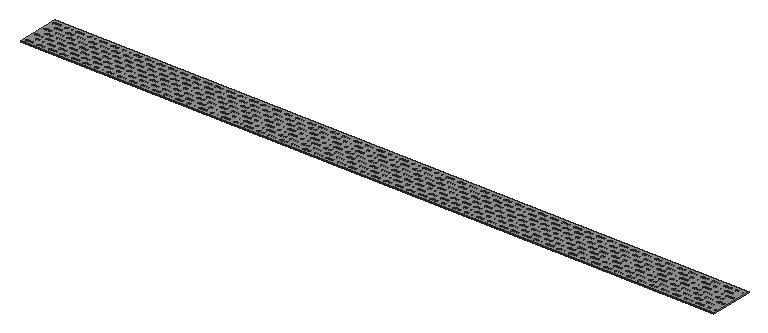
Revit family "Einlegeblech_185_FS_FT_DD_A2", category Generic Models, Revit 2017 (continued)
Forms (mm)
  Extrusion 330, void
    sketch origin (1850, -50, 0) x (1, 0, 0) y (0, 1, 0)
      loop
        line (37.485, 121.031) -> (12.515, 121.031)
    from 0 to 1.15
  Extrusion 331, void
    sketch origin (1850, -100, 0) x (1, 0, 0) y (0, 1, 0)
      loop
        arc (12.515, 121.031) -> (9, 117.515) -> (12.515, 114) r 3.515
        line (12.515, 114) -> (37.485, 114)
        arc (37.485, 114) -> (41, 117.515) -> (37.485, 121.031) r 3.515
        line (37.485, 121.031) -> (12.515, 121.031)
    from 0 to 1.15
  Extrusion 332, void
    sketch origin (1900, 0, 0) x (1, 0, 0) y (0, 1, 0)
      loop
        arc (12.515, 121.031) -> (9, 117.515) -> (12.515, 114) r 3.515
        line (12.515, 114) -> (37.485, 114)
        arc (37.485, 114) -> (41, 117.515) -> (37.485, 121.031) r 3.515
        line (37.485, 121.031) -> (12.515, 121.031)
    from 0 to 1.15
  Extrusion 333, void
    sketch origin (1900, 50, 0) x (1, 0, 0) y (0, 1, 0)
      loop
        arc (12.515, 121.031) -> (9, 117.515) -> (12.515, 114) r 3.515
        line (12.515, 114) -> (37.485, 114)
        arc (37.485, 114) -> (41, 117.515) -> (37.485, 121.031) r 3.515
        line (37.485, 121.031) -> (12.515, 121.031)
    from 0 to 1.15
  Extrusion 334, void
    sketch origin (1900, -50, 0) x (1, 0, 0) y (0, 1, 0)
      loop
        arc (12.515, 121.031) -> (9, 117.515) -> (12.515, 114) r 3.515
        line (12.515, 114) -> (37.485, 114)
        arc (37.485, 114) -> (41, 117.515) -> (37.485, 121.031) r 3.515
        line (37.485, 121.031) -> (12.515, 121.031)
    from 0 to 1.15
  Extrusion 335, void
    sketch origin (1900, -100, 0) x (1, 0, 0) y (0, 1, 0)
      loop
        arc (12.515, 121.031) -> (9, 117.515) -> (12.515, 114) r 3.515
        line (12.515, 114) -> (37.485, 114)
        arc (37.485, 114) -> (41, 117.515) -> (37.485, 121.031) r 3.515
        line (37.485, 121.031) -> (12.515, 121.031)
    from 0 to 1.15
  Extrusion 336, void
    sketch origin (1950, 0, 0) x (1, 0, 0) y (0, 1, 0)
      loop
        arc (12.515, 121.031) -> (9, 117.515) -> (12.515, 114) r 3.515
        line (12.515, 114) -> (37.485, 114)
        arc (37.485, 114) -> (41, 117.515) -> (37.485, 121.031) r 3.515
        line (37.485, 121.031) -> (12.515, 121.031)
    from 0 to 1.15
  Extrusion 337, void
    sketch origin (1950, 50, 0) x (1, 0, 0) y (0, 1, 0)
      loop
        arc (12.515, 121.031) -> (9, 117.515) -> (12.515, 114) r 3.515
        line (12.515, 114) -> (37.485, 114)
        arc (37.485, 114) -> (41, 117.515) -> (37.485, 121.031) r 3.515
        line (37.485, 121.031) -> (12.515, 121.031)
    from 0 to 1.15
  Extrusion 338, void
    sketch origin (1950, -50, 0) x (1, 0, 0) y (0, 1, 0)
      loop
        arc (12.515, 121.031) -> (9, 117.515) -> (12.515, 114) r 3.515
        line (12.515, 114) -> (37.485, 114)
        arc (37.485, 114) -> (41, 117.515) -> (37.485, 121.031) r 3.515
        line (37.485, 121.031) -> (12.515, 121.031)
    from 0 to 1.15
  Extrusion 339, void
    sketch origin (1950, -100, 0) x (1, 0, 0) y (0, 1, 0)
      loop
        arc (12.515, 121.031) -> (9, 117.515) -> (12.515, 114) r 3.515
        line (12.515, 114) -> (37.485, 114)
        arc (37.485, 114) -> (41, 117.515) -> (37.485, 121.031) r 3.515
        line (37.485, 121.031) -> (12.515, 121.031)
    from 0 to 1.15
  Extrusion 340, void
    sketch origin (2000, 0, 0) x (1, 0, 0) y (0, 1, 0)
      loop
        arc (12.515, 121.031) -> (9, 117.515) -> (12.515, 114) r 3.515
        line (12.515, 114) -> (37.485, 114)
        arc (37.485, 114) -> (41, 117.515) -> (37.485, 121.031) r 3.515
        line (37.485, 121.031) -> (12.515, 121.031)
    from 0 to 1.15
  Extrusion 341, void
    sketch origin (2000, 50, 0) x (1, 0, 0) y (0, 1, 0)
      loop
        arc (12.515, 121.031) -> (9, 117.515) -> (12.515, 114) r 3.515
        line (12.515, 114) -> (37.485, 114)
        arc (37.485, 114) -> (41, 117.515) -> (37.485, 121.031) r 3.515
        line (37.485, 121.031) -> (12.515, 121.031)
    from 0 to 1.15
  Extrusion 342, void
    sketch origin (2000, -50, 0) x (1, 0, 0) y (0, 1, 0)
      loop
        arc (12.515, 121.031) -> (9, 117.515) -> (12.515, 114) r 3.515
        line (12.515, 114) -> (37.485, 114)
        arc (37.485, 114) -> (41, 117.515) -> (37.485, 121.031) r 3.515
        line (37.485, 121.031) -> (12.515, 121.031)
    from 0 to 1.15
  Extrusion 343, void
    sketch origin (2000, -100, 0) x (1, 0, 0) y (0, 1, 0)
      loop
        arc (12.515, 121.031) -> (9, 117.515) -> (12.515, 114) r 3.515
        line (12.515, 114) -> (37.485, 114)
        arc (37.485, 114) -> (41, 117.515) -> (37.485, 121.031) r 3.515
        line (37.485, 121.031) -> (12.515, 121.031)
    from 0 to 1.15
  Extrusion 344, void
    sketch origin (2050, 0, 0) x (1, 0, 0) y (0, 1, 0)
      loop
        arc (12.515, 121.031) -> (9, 117.515) -> (12.515, 114) r 3.515
        line (12.515, 114) -> (37.485, 114)
        arc (37.485, 114) -> (41, 117.515) -> (37.485, 121.031) r 3.515
        line (37.485, 121.031) -> (12.515, 121.031)
    from 0 to 1.15
  Extrusion 345, void
    sketch origin (2050, 50, 0) x (1, 0, 0) y (0, 1, 0)
      loop
        arc (12.515, 121.031) -> (9, 117.515) -> (12.515, 114) r 3.515
        line (12.515, 114) -> (37.485, 114)
        arc (37.485, 114) -> (41, 117.515) -> (37.485, 121.031) r 3.515
        line (37.485, 121.031) -> (12.515, 121.031)
    from 0 to 1.15
  Extrusion 346, void
    sketch origin (2050, -50, 0) x (1, 0, 0) y (0, 1, 0)
      loop
        arc (12.515, 121.031) -> (9, 117.515) -> (12.515, 114) r 3.515
        line (12.515, 114) -> (37.485, 114)
        arc (37.485, 114) -> (41, 117.515) -> (37.485, 121.031) r 3.515
        line (37.485, 121.031) -> (12.515, 121.031)
    from 0 to 1.15
  Extrusion 347, void
    sketch origin (2050, -100, 0) x (1, 0, 0) y (0, 1, 0)
      loop
        arc (12.515, 121.031) -> (9, 117.515) -> (12.515, 114) r 3.515
        line (12.515, 114) -> (37.485, 114)
        arc (37.485, 114) -> (41, 117.515) -> (37.485, 121.031) r 3.515
        line (37.485, 121.031) -> (12.515, 121.031)
    from 0 to 1.15
  Extrusion 348, void
    sketch origin (2100, 0, 0) x (1, 0, 0) y (0, 1, 0)
      loop
        arc (12.515, 121.031) -> (9, 117.515) -> (12.515, 114) r 3.515
        line (12.515, 114) -> (37.485, 114)
        arc (37.485, 114) -> (41, 117.515) -> (37.485, 121.031) r 3.515
        line (37.485, 121.031) -> (12.515, 121.031)
    from 0 to 1.15
  Extrusion 349, void
    sketch origin (2100, 50, 0) x (1, 0, 0) y (0, 1, 0)
      loop
        arc (12.515, 121.031) -> (9, 117.515) -> (12.515, 114) r 3.515
        line (12.515, 114) -> (37.485, 114)
        arc (37.485, 114) -> (41, 117.515) -> (37.485, 121.031) r 3.515
        line (37.485, 121.031) -> (12.515, 121.031)
    from 0 to 1.15
  Extrusion 350, void
    sketch origin (2100, -50, 0) x (1, 0, 0) y (0, 1, 0)
      loop
        arc (12.515, 121.031) -> (9, 117.515) -> (12.515, 114) r 3.515
        line (12.515, 114) -> (37.485, 114)
        arc (37.485, 114) -> (41, 117.515) -> (37.485, 121.031) r 3.515
        line (37.485, 121.031) -> (12.515, 121.031)
    from 0 to 1.15
  Extrusion 351, void
    sketch origin (2100, -100, 0) x (1, 0, 0) y (0, 1, 0)
      loop
        arc (12.515, 121.031) -> (9, 117.515) -> (12.515, 114) r 3.515
        line (12.515, 114) -> (37.485, 114)
        arc (37.485, 114) -> (41, 117.515) -> (37.485, 121.031) r 3.515
        line (37.485, 121.031) -> (12.515, 121.031)
    from 0 to 1.15
  Extrusion 352, void
    sketch origin (2150, 0, 0) x (1, 0, 0) y (0, 1, 0)
      loop
        arc (12.515, 121.031) -> (9, 117.515) -> (12.515, 114) r 3.515
        line (12.515, 114) -> (37.485, 114)
        arc (37.485, 114) -> (41, 117.515) -> (37.485, 121.031) r 3.515
        line (37.485, 121.031) -> (12.515, 121.031)
    from 0 to 1.15
  Extrusion 353, void
    sketch origin (2150, 50, 0) x (1, 0, 0) y (0, 1, 0)
      loop
        arc (12.515, 121.031) -> (9, 117.515) -> (12.515, 114) r 3.515
        line (12.515, 114) -> (37.485, 114)
        arc (37.485, 114) -> (41, 117.515) -> (37.485, 121.031) r 3.515
        line (37.485, 121.031) -> (12.515, 121.031)
    from 0 to 1.15
  Extrusion 354, void
    sketch origin (2150, -50, 0) x (1, 0, 0) y (0, 1, 0)
      loop
        arc (12.515, 121.031) -> (9, 117.515) -> (12.515, 114) r 3.515
        line (12.515, 114) -> (37.485, 114)
        arc (37.485, 114) -> (41, 117.515) -> (37.485, 121.031) r 3.515
        line (37.485, 121.031) -> (12.515, 121.031)
    from 0 to 1.15
  Extrusion 355, void
    sketch origin (2150, -100, 0) x (1, 0, 0) y (0, 1, 0)
      loop
        arc (12.515, 121.031) -> (9, 117.515) -> (12.515, 114) r 3.515
        line (12.515, 114) -> (37.485, 114)
        arc (37.485, 114) -> (41, 117.515) -> (37.485, 121.031) r 3.515
        line (37.485, 121.031) -> (12.515, 121.031)
    from 0 to 1.15
  Extrusion 356, void
    sketch origin (2200, 0, 0) x (1, 0, 0) y (0, 1, 0)
      loop
        arc (12.515, 121.031) -> (9, 117.515) -> (12.515, 114) r 3.515
        line (12.515, 114) -> (37.485, 114)
        arc (37.485, 114) -> (41, 117.515) -> (37.485, 121.031) r 3.515
        line (37.485, 121.031) -> (12.515, 121.031)
    from 0 to 1.15
  Extrusion 357, void
    sketch origin (2200, 50, 0) x (1, 0, 0) y (0, 1, 0)
      loop
        arc (12.515, 121.031) -> (9, 117.515) -> (12.515, 114) r 3.515
        line (12.515, 114) -> (37.485, 114)
        arc (37.485, 114) -> (41, 117.515) -> (37.485, 121.031) r 3.515
        line (37.485, 121.031) -> (12.515, 121.031)
    from 0 to 1.15
  Extrusion 358, void
    sketch origin (2200, -50, 0) x (1, 0, 0) y (0, 1, 0)
      loop
        arc (12.515, 121.031) -> (9, 117.515) -> (12.515, 114) r 3.515
        line (12.515, 114) -> (37.485, 114)
        arc (37.485, 114) -> (41, 117.515) -> (37.485, 121.031) r 3.515
        line (37.485, 121.031) -> (12.515, 121.031)
    from 0 to 1.15
  Extrusion 359, void
    sketch origin (2200, -100, 0) x (1, 0, 0) y (0, 1, 0)
      loop
        arc (12.515, 121.031) -> (9, 117.515) -> (12.515, 114) r 3.515
        line (12.515, 114) -> (37.485, 114)
        arc (37.485, 114) -> (41, 117.515) -> (37.485, 121.031) r 3.515
        line (37.485, 121.031) -> (12.515, 121.031)
    from 0 to 1.15
  Extrusion 360, void
    sketch origin (2250, 0, 0) x (1, 0, 0) y (0, 1, 0)
      loop
        arc (12.515, 121.031) -> (9, 117.515) -> (12.515, 114) r 3.515
        line (12.515, 114) -> (37.485, 114)
        arc (37.485, 114) -> (41, 117.515) -> (37.485, 121.031) r 3.515
        line (37.485, 121.031) -> (12.515, 121.031)
    from 0 to 1.15
  Extrusion 361, void
    sketch origin (2250, 50, 0) x (1, 0, 0) y (0, 1, 0)
      loop
        arc (12.515, 121.031) -> (9, 117.515) -> (12.515, 114) r 3.515
        line (12.515, 114) -> (37.485, 114)
        arc (37.485, 114) -> (41, 117.515) -> (37.485, 121.031) r 3.515
        line (37.485, 121.031) -> (12.515, 121.031)
    from 0 to 1.15
  Extrusion 362, void
    sketch origin (2250, -50, 0) x (1, 0, 0) y (0, 1, 0)
      loop
        arc (12.515, 121.031) -> (9, 117.515) -> (12.515, 114) r 3.515
        line (12.515, 114) -> (37.485, 114)
        arc (37.485, 114) -> (41, 117.515) -> (37.485, 121.031) r 3.515
        line (37.485, 121.031) -> (12.515, 121.031)
    from 0 to 1.15
  Extrusion 363, void
    sketch origin (2250, -100, 0) x (1, 0, 0) y (0, 1, 0)
      loop
        arc (12.515, 121.031) -> (9, 117.515) -> (12.515, 114) r 3.515
        line (12.515, 114) -> (37.485, 114)
        arc (37.485, 114) -> (41, 117.515) -> (37.485, 121.031) r 3.515
        line (37.485, 121.031) -> (12.515, 121.031)
    from 0 to 1.15
  Extrusion 364, void
    sketch origin (2300, 0, 0) x (1, 0, 0) y (0, 1, 0)
      loop
        arc (12.515, 121.031) -> (9, 117.515) -> (12.515, 114) r 3.515
        line (12.515, 114) -> (37.485, 114)
        arc (37.485, 114) -> (41, 117.515) -> (37.485, 121.031) r 3.515
        line (37.485, 121.031) -> (12.515, 121.031)
    from 0 to 1.15
  Extrusion 365, void
    sketch origin (2300, 50, 0) x (1, 0, 0) y (0, 1, 0)
      loop
        arc (12.515, 121.031) -> (9, 117.515) -> (12.515, 114) r 3.515
        line (12.515, 114) -> (37.485, 114)
        arc (37.485, 114) -> (41, 117.515) -> (37.485, 121.031) r 3.515
        line (37.485, 121.031) -> (12.515, 121.031)
    from 0 to 1.15
  Extrusion 366, void
    sketch origin (2300, -50, 0) x (1, 0, 0) y (0, 1, 0)
      loop
        arc (12.515, 121.031) -> (9, 117.515) -> (12.515, 114) r 3.515
        line (12.515, 114) -> (37.485, 114)
        arc (37.485, 114) -> (41, 117.515) -> (37.485, 121.031) r 3.515
        line (37.485, 121.031) -> (12.515, 121.031)
    from 0 to 1.15
  Extrusion 367, void
    sketch origin (2300, -100, 0) x (1, 0, 0) y (0, 1, 0)
      loop
        arc (12.515, 121.031) -> (9, 117.515) -> (12.515, 114) r 3.515
        line (12.515, 114) -> (37.485, 114)
        arc (37.485, 114) -> (41, 117.515) -> (37.485, 121.031) r 3.515
        line (37.485, 121.031) -> (12.515, 121.031)
    from 0 to 1.15
  Extrusion 368, void
    sketch origin (2350, 0, 0) x (1, 0, 0) y (0, 1, 0)
      loop
        arc (12.515, 121.031) -> (9, 117.515) -> (12.515, 114) r 3.515
        line (12.515, 114) -> (37.485, 114)
        arc (37.485, 114) -> (41, 117.515) -> (37.485, 121.031) r 3.515
        line (37.485, 121.031) -> (12.515, 121.031)
    from 0 to 1.15
  Extrusion 369, void
    sketch origin (2350, 50, 0) x (1, 0, 0) y (0, 1, 0)
      loop
        arc (12.515, 121.031) -> (9, 117.515) -> (12.515, 114) r 3.515
        line (12.515, 114) -> (37.485, 114)
        arc (37.485, 114) -> (41, 117.515) -> (37.485, 121.031) r 3.515
        line (37.485, 121.031) -> (12.515, 121.031)
    from 0 to 1.15
  Extrusion 370, void
    sketch origin (2350, -50, 0) x (1, 0, 0) y (0, 1, 0)
      loop
        arc (12.515, 121.031) -> (9, 117.515) -> (12.515, 114) r 3.515
        line (12.515, 114) -> (37.485, 114)
        arc (37.485, 114) -> (41, 117.515) -> (37.485, 121.031) r 3.515
        line (37.485, 121.031) -> (12.515, 121.031)
    from 0 to 1.15
  Extrusion 371, void
    sketch origin (2350, -100, 0) x (1, 0, 0) y (0, 1, 0)
      loop
        arc (12.515, 121.031) -> (9, 117.515) -> (12.515, 114) r 3.515
        line (12.515, 114) -> (37.485, 114)
        arc (37.485, 114) -> (41, 117.515) -> (37.485, 121.031) r 3.515
        line (37.485, 121.031) -> (12.515, 121.031)
    from 0 to 1.15
  Extrusion 372, void
    sketch origin (2400, 0, 0) x (1, 0, 0) y (0, 1, 0)
      loop
        arc (12.515, 121.031) -> (9, 117.515) -> (12.515, 114) r 3.515
        line (12.515, 114) -> (37.485, 114)
        arc (37.485, 114) -> (41, 117.515) -> (37.485, 121.031) r 3.515
        line (37.485, 121.031) -> (12.515, 121.031)
    from 0 to 1.15
  Extrusion 373, void
    sketch origin (2400, 50, 0) x (1, 0, 0) y (0, 1, 0)
      loop
        arc (12.515, 121.031) -> (9, 117.515) -> (12.515, 114) r 3.515
        line (12.515, 114) -> (37.485, 114)
        arc (37.485, 114) -> (41, 117.515) -> (37.485, 121.031) r 3.515
        line (37.485, 121.031) -> (12.515, 121.031)
    from 0 to 1.15
  Extrusion 374, void
    sketch origin (2400, -50, 0) x (1, 0, 0) y (0, 1, 0)
      loop
        arc (12.515, 121.031) -> (9, 117.515) -> (12.515, 114) r 3.515
        line (12.515, 114) -> (37.485, 114)
        arc (37.485, 114) -> (41, 117.515) -> (37.485, 121.031) r 3.515
        line (37.485, 121.031) -> (12.515, 121.031)
    from 0 to 1.15
  Extrusion 375, void
    sketch origin (2400, -100, 0) x (1, 0, 0) y (0, 1, 0)
      loop
        arc (12.515, 121.031) -> (9, 117.515) -> (12.515, 114) r 3.515
        line (12.515, 114) -> (37.485, 114)
        arc (37.485, 114) -> (41, 117.515) -> (37.485, 121.031) r 3.515
        line (37.485, 121.031) -> (12.515, 121.031)
    from 0 to 1.15
  Extrusion 376, void
    sketch origin (2450, 0, 0) x (1, 0, 0) y (0, 1, 0)
      loop
        arc (12.515, 121.031) -> (9, 117.515) -> (12.515, 114) r 3.515
        line (12.515, 114) -> (37.485, 114)
        arc (37.485, 114) -> (41, 117.515) -> (37.485, 121.031) r 3.515
        line (37.485, 121.031) -> (12.515, 121.031)
    from 0 to 1.15
  Extrusion 377, void
    sketch origin (2450, 50, 0) x (1, 0, 0) y (0, 1, 0)
      loop
        arc (12.515, 121.031) -> (9, 117.515) -> (12.515, 114) r 3.515
        line (12.515, 114) -> (37.485, 114)
        arc (37.485, 114) -> (41, 117.515) -> (37.485, 121.031) r 3.515
        line (37.485, 121.031) -> (12.515, 121.031)
    from 0 to 1.15
  Extrusion 378, void
    sketch origin (2450, -50, 0) x (1, 0, 0) y (0, 1, 0)
      loop
        arc (12.515, 121.031) -> (9, 117.515) -> (12.515, 114) r 3.515
        line (12.515, 114) -> (37.485, 114)
        arc (37.485, 114) -> (41, 117.515) -> (37.485, 121.031) r 3.515
        line (37.485, 121.031) -> (12.515, 121.031)
    from 0 to 1.15
  Extrusion 379, void
    sketch origin (2450, -100, 0) x (1, 0, 0) y (0, 1, 0)
      loop
        arc (12.515, 121.031) -> (9, 117.515) -> (12.515, 114) r 3.515
        line (12.515, 114) -> (37.485, 114)
        arc (37.485, 114) -> (41, 117.515) -> (37.485, 121.031) r 3.515
        line (37.485, 121.031) -> (12.515, 121.031)
    from 0 to 1.15
  Extrusion 380, void
    sketch origin (2500, 0, 0) x (1, 0, 0) y (0, 1, 0)
      loop
        arc (12.515, 121.031) -> (9, 117.515) -> (12.515, 114) r 3.515
        line (12.515, 114) -> (37.485, 114)
        arc (37.485, 114) -> (41, 117.515) -> (37.485, 121.031) r 3.515
        line (37.485, 121.031) -> (12.515, 121.031)
    from 0 to 1.15
  Extrusion 381, void
    sketch origin (2500, 50, 0) x (1, 0, 0) y (0, 1, 0)
      loop
        arc (12.515, 121.031) -> (9, 117.515) -> (12.515, 114) r 3.515
        line (12.515, 114) -> (37.485, 114)
        arc (37.485, 114) -> (41, 117.515) -> (37.485, 121.031) r 3.515
        line (37.485, 121.031) -> (12.515, 121.031)
    from 0 to 1.15
  Extrusion 382, void
    sketch origin (2500, -50, 0) x (1, 0, 0) y (0, 1, 0)
      loop
        arc (12.515, 121.031) -> (9, 117.515) -> (12.515, 114) r 3.515
        line (12.515, 114) -> (37.485, 114)
        arc (37.485, 114) -> (41, 117.515) -> (37.485, 121.031) r 3.515
        line (37.485, 121.031) -> (12.515, 121.031)
    from 0 to 1.15
  Extrusion 383, void
    sketch origin (2500, -100, 0) x (1, 0, 0) y (0, 1, 0)
      loop
        arc (12.515, 121.031) -> (9, 117.515) -> (12.515, 114) r 3.515
        line (12.515, 114) -> (37.485, 114)
        arc (37.485, 114) -> (41, 117.515) -> (37.485, 121.031) r 3.515
        line (37.485, 121.031) -> (12.515, 121.031)
    from 0 to 1.15
  Extrusion 384, void
    sketch origin (2550, 0, 0) x (1, 0, 0) y (0, 1, 0)
      loop
        arc (12.515, 121.031) -> (9, 117.515) -> (12.515, 114) r 3.515
        line (12.515, 114) -> (37.485, 114)
        arc (37.485, 114) -> (41, 117.515) -> (37.485, 121.031) r 3.515
        line (37.485, 121.031) -> (12.515, 121.031)
    from 0 to 1.15
  Extrusion 385, void
    sketch origin (2550, 50, 0) x (1, 0, 0) y (0, 1, 0)
      loop
        arc (12.515, 121.031) -> (9, 117.515) -> (12.515, 114) r 3.515
        line (12.515, 114) -> (37.485, 114)
        arc (37.485, 114) -> (41, 117.515) -> (37.485, 121.031) r 3.515
        line (37.485, 121.031) -> (12.515, 121.031)
    from 0 to 1.15
  Extrusion 386, void
    sketch origin (2550, -50, 0) x (1, 0, 0) y (0, 1, 0)
      loop
        arc (12.515, 121.031) -> (9, 117.515) -> (12.515, 114) r 3.515
        line (12.515, 114) -> (37.485, 114)
        arc (37.485, 114) -> (41, 117.515) -> (37.485, 121.031) r 3.515
        line (37.485, 121.031) -> (12.515, 121.031)
    from 0 to 1.15
  Extrusion 387, void
    sketch origin (2550, -100, 0) x (1, 0, 0) y (0, 1, 0)
      loop
        arc (12.515, 121.031) -> (9, 117.515) -> (12.515, 114) r 3.515
        line (12.515, 114) -> (37.485, 114)
        arc (37.485, 114) -> (41, 117.515) -> (37.485, 121.031) r 3.515
        line (37.485, 121.031) -> (12.515, 121.031)
    from 0 to 1.15
  Extrusion 388, void
    sketch origin (2600, 0, 0) x (1, 0, 0) y (0, 1, 0)
      loop
        arc (12.515, 121.031) -> (9, 117.515) -> (12.515, 114) r 3.515
        line (12.515, 114) -> (37.485, 114)
        arc (37.485, 114) -> (41, 117.515) -> (37.485, 121.031) r 3.515
        line (37.485, 121.031) -> (12.515, 121.031)
    from 0 to 1.15
  Extrusion 389, void
    sketch origin (2600, 50, 0) x (1, 0, 0) y (0, 1, 0)
      loop
        arc (12.515, 121.031) -> (9, 117.515) -> (12.515, 114) r 3.515
        line (12.515, 114) -> (37.485, 114)
        arc (37.485, 114) -> (41, 117.515) -> (37.485, 121.031) r 3.515
        line (37.485, 121.031) -> (12.515, 121.031)
    from 0 to 1.15
  Extrusion 390, void
    sketch origin (2600, -50, 0) x (1, 0, 0) y (0, 1, 0)
      loop
        arc (12.515, 121.031) -> (9, 117.515) -> (12.515, 114) r 3.515
        line (12.515, 114) -> (37.485, 114)
        arc (37.485, 114) -> (41, 117.515) -> (37.485, 121.031) r 3.515
        line (37.485, 121.031) -> (12.515, 121.031)
    from 0 to 1.15
  Extrusion 391, void
    sketch origin (2600, -100, 0) x (1, 0, 0) y (0, 1, 0)
      loop
        arc (12.515, 121.031) -> (9, 117.515) -> (12.515, 114) r 3.515
        line (12.515, 114) -> (37.485, 114)
        arc (37.485, 114) -> (41, 117.515) -> (37.485, 121.031) r 3.515
        line (37.485, 121.031) -> (12.515, 121.031)
    from 0 to 1.15
  Extrusion 392, void
    sketch origin (2650, 0, 0) x (1, 0, 0) y (0, 1, 0)
      loop
        arc (12.515, 121.031) -> (9, 117.515) -> (12.515, 114) r 3.515
        line (12.515, 114) -> (37.485, 114)
        arc (37.485, 114) -> (41, 117.515) -> (37.485, 121.031) r 3.515
        line (37.485, 121.031) -> (12.515, 121.031)
    from 0 to 1.15
  Extrusion 393, void
    sketch origin (2650, 50, 0) x (1, 0, 0) y (0, 1, 0)
      loop
        arc (12.515, 121.031) -> (9, 117.515) -> (12.515, 114) r 3.515
        line (12.515, 114) -> (37.485, 114)
        arc (37.485, 114) -> (41, 117.515) -> (37.485, 121.031) r 3.515
        line (37.485, 121.031) -> (12.515, 121.031)
    from 0 to 1.15
  Extrusion 394, void
    sketch origin (2650, -50, 0) x (1, 0, 0) y (0, 1, 0)
      loop
        arc (12.515, 121.031) -> (9, 117.515) -> (12.515, 114) r 3.515
        line (12.515, 114) -> (37.485, 114)
        arc (37.485, 114) -> (41, 117.515) -> (37.485, 121.031) r 3.515
        line (37.485, 121.031) -> (12.515, 121.031)
    from 0 to 1.15
  Extrusion 395, void
    sketch origin (2650, -100, 0) x (1, 0, 0) y (0, 1, 0)
      loop
        arc (12.515, 121.031) -> (9, 117.515) -> (12.515, 114) r 3.515
        line (12.515, 114) -> (37.485, 114)
        arc (37.485, 114) -> (41, 117.515) -> (37.485, 121.031) r 3.515
        line (37.485, 121.031) -> (12.515, 121.031)
    from 0 to 1.15
  Extrusion 396, void
    sketch origin (2700, 0, 0) x (1, 0, 0) y (0, 1, 0)
      loop
        arc (12.515, 121.031) -> (9, 117.515) -> (12.515, 114) r 3.515
        line (12.515, 114) -> (37.485, 114)
        arc (37.485, 114) -> (41, 117.515) -> (37.485, 121.031) r 3.515
        line (37.485, 121.031) -> (12.515, 121.031)
    from 0 to 1.15
  Extrusion 397, void
    sketch origin (2700, 50, 0) x (1, 0, 0) y (0, 1, 0)
      loop
        arc (12.515, 121.031) -> (9, 117.515) -> (12.515, 114) r 3.515
        line (12.515, 114) -> (37.485, 114)
        arc (37.485, 114) -> (41, 117.515) -> (37.485, 121.031) r 3.515
        line (37.485, 121.031) -> (12.515, 121.031)
    from 0 to 1.15
  Extrusion 398, void
    sketch origin (2700, -50, 0) x (1, 0, 0) y (0, 1, 0)
      loop
        arc (12.515, 121.031) -> (9, 117.515) -> (12.515, 114) r 3.515
        line (12.515, 114) -> (37.485, 114)
        arc (37.485, 114) -> (41, 117.515) -> (37.485, 121.031) r 3.515
        line (37.485, 121.031) -> (12.515, 121.031)
    from 0 to 1.15
  Extrusion 399, void
    sketch origin (2700, -100, 0) x (1, 0, 0) y (0, 1, 0)
      loop
        arc (12.515, 121.031) -> (9, 117.515) -> (12.515, 114) r 3.515
        line (12.515, 114) -> (37.485, 114)
        arc (37.485, 114) -> (41, 117.515) -> (37.485, 121.031) r 3.515
        line (37.485, 121.031) -> (12.515, 121.031)
    from 0 to 1.15
  Extrusion 400, void
    sketch origin (2750, 0, 0) x (1, 0, 0) y (0, 1, 0)
      loop
        arc (12.515, 121.031) -> (9, 117.515) -> (12.515, 114) r 3.515
        line (12.515, 114) -> (37.485, 114)
        arc (37.485, 114) -> (41, 117.515) -> (37.485, 121.031) r 3.515
        line (37.485, 121.031) -> (12.515, 121.031)
    from 0 to 1.15
  Extrusion 401, void
    sketch origin (2750, 50, 0) x (1, 0, 0) y (0, 1, 0)
      loop
        arc (12.515, 121.031) -> (9, 117.515) -> (12.515, 114) r 3.515
        line (12.515, 114) -> (37.485, 114)
        arc (37.485, 114) -> (41, 117.515) -> (37.485, 121.031) r 3.515
        line (37.485, 121.031) -> (12.515, 121.031)
    from 0 to 1.15
  Extrusion 402, void
    sketch origin (2750, -50, 0) x (1, 0, 0) y (0, 1, 0)
      loop
        arc (12.515, 121.031) -> (9, 117.515) -> (12.515, 114) r 3.515
        line (12.515, 114) -> (37.485, 114)
        arc (37.485, 114) -> (41, 117.515) -> (37.485, 121.031) r 3.515
        line (37.485, 121.031) -> (12.515, 121.031)
    from 0 to 1.15
  Extrusion 403, void
    sketch origin (2750, -100, 0) x (1, 0, 0) y (0, 1, 0)
      loop
        arc (12.515, 121.031) -> (9, 117.515) -> (12.515, 114) r 3.515
        line (12.515, 114) -> (37.485, 114)
        arc (37.485, 114) -> (41, 117.515) -> (37.485, 121.031) r 3.515
        line (37.485, 121.031) -> (12.515, 121.031)
    from 0 to 1.15
  Extrusion 404, void
    sketch origin (2800, 0, 0) x (1, 0, 0) y (0, 1, 0)
      loop
        arc (12.515, 121.031) -> (9, 117.515) -> (12.515, 114) r 3.515
        line (12.515, 114) -> (37.485, 114)
        arc (37.485, 114) -> (41, 117.515) -> (37.485, 121.031) r 3.515
        line (37.485, 121.031) -> (12.515, 121.031)
    from 0 to 1.15
  Extrusion 405, void
    sketch origin (2800, 50, 0) x (1, 0, 0) y (0, 1, 0)
      loop
        arc (12.515, 121.031) -> (9, 117.515) -> (12.515, 114) r 3.515
        line (12.515, 114) -> (37.485, 114)
        arc (37.485, 114) -> (41, 117.515) -> (37.485, 121.031) r 3.515
        line (37.485, 121.031) -> (12.515, 121.031)
    from 0 to 1.15
  Extrusion 406, void
    sketch origin (2800, -50, 0) x (1, 0, 0) y (0, 1, 0)
      loop
        arc (12.515, 121.031) -> (9, 117.515) -> (12.515, 114) r 3.515
        line (12.515, 114) -> (37.485, 114)
        arc (37.485, 114) -> (41, 117.515) -> (37.485, 121.031) r 3.515
        line (37.485, 121.031) -> (12.515, 121.031)
    from 0 to 1.15
  Extrusion 407, void
    sketch origin (2800, -100, 0) x (1, 0, 0) y (0, 1, 0)
      loop
        arc (12.515, 121.031) -> (9, 117.515) -> (12.515, 114) r 3.515
        line (12.515, 114) -> (37.485, 114)
        arc (37.485, 114) -> (41, 117.515) -> (37.485, 121.031) r 3.515
        line (37.485, 121.031) -> (12.515, 121.031)
    from 0 to 1.15
  Extrusion 408, void
    sketch origin (2850, 0, 0) x (1, 0, 0) y (0, 1, 0)
      loop
        arc (12.515, 121.031) -> (9, 117.515) -> (12.515, 114) r 3.515
        line (12.515, 114) -> (37.485, 114)
        arc (37.485, 114) -> (41, 117.515) -> (37.485, 121.031) r 3.515
        line (37.485, 121.031) -> (12.515, 121.031)
    from 0 to 1.15
  Extrusion 409, void
    sketch origin (2850, 50, 0) x (1, 0, 0) y (0, 1, 0)
      loop
        arc (12.515, 121.031) -> (9, 117.515) -> (12.515, 114) r 3.515
        line (12.515, 114) -> (37.485, 114)
        arc (37.485, 114) -> (41, 117.515) -> (37.485, 121.031) r 3.515
        line (37.485, 121.031) -> (12.515, 121.031)
    from 0 to 1.15
  Extrusion 410, void
    sketch origin (2850, -50, 0) x (1, 0, 0) y (0, 1, 0)
      loop
        arc (12.515, 121.031) -> (9, 117.515) -> (12.515, 114) r 3.515
        line (12.515, 114) -> (37.485, 114)
        arc (37.485, 114) -> (41, 117.515) -> (37.485, 121.031) r 3.515
        line (37.485, 121.031) -> (12.515, 121.031)
    from 0 to 1.15
  Extrusion 411, void
    sketch origin (2850, -100, 0) x (1, 0, 0) y (0, 1, 0)
      loop
        arc (12.515, 121.031) -> (9, 117.515) -> (12.515, 114) r 3.515
        line (12.515, 114) -> (37.485, 114)
        arc (37.485, 114) -> (41, 117.515) -> (37.485, 121.031) r 3.515
        line (37.485, 121.031) -> (12.515, 121.031)
    from 0 to 1.15
  Extrusion 412, void
    sketch origin (2900, 0, 0) x (1, 0, 0) y (0, 1, 0)
      loop
        arc (12.515, 121.031) -> (9, 117.515) -> (12.515, 114) r 3.515
        line (12.515, 114) -> (37.485, 114)
        arc (37.485, 114) -> (41, 117.515) -> (37.485, 121.031) r 3.515
        line (37.485, 121.031) -> (12.515, 121.031)
    from 0 to 1.15
  Extrusion 413, void
    sketch origin (2900, 50, 0) x (1, 0, 0) y (0, 1, 0)
      loop
        arc (12.515, 121.031) -> (9, 117.515) -> (12.515, 114) r 3.515
        line (12.515, 114) -> (37.485, 114)
        arc (37.485, 114) -> (41, 117.515) -> (37.485, 121.031) r 3.515
        line (37.485, 121.031) -> (12.515, 121.031)
    from 0 to 1.15
  Extrusion 414, void
    sketch origin (2900, -50, 0) x (1, 0, 0) y (0, 1, 0)
      loop
        arc (12.515, 121.031) -> (9, 117.515) -> (12.515, 114) r 3.515
        line (12.515, 114) -> (37.485, 114)
        arc (37.485, 114) -> (41, 117.515) -> (37.485, 121.031) r 3.515
        line (37.485, 121.031) -> (12.515, 121.031)
    from 0 to 1.15
  Extrusion 415, void
    sketch origin (2900, -100, 0) x (1, 0, 0) y (0, 1, 0)
      loop
        arc (12.515, 121.031) -> (9, 117.515) -> (12.515, 114) r 3.515
        line (12.515, 114) -> (37.485, 114)
        arc (37.485, 114) -> (41, 117.515) -> (37.485, 121.031) r 3.515
        line (37.485, 121.031) -> (12.515, 121.031)
    from 0 to 1.15
  Extrusion 416, void
    sketch origin (2950, 0, 0) x (1, 0, 0) y (0, 1, 0)
      loop
        arc (12.515, 121.031) -> (9, 117.515) -> (12.515, 114) r 3.515
        line (12.515, 114) -> (37.485, 114)
        arc (37.485, 114) -> (41, 117.515) -> (37.485, 121.031) r 3.515
        line (37.485, 121.031) -> (12.515, 121.031)
    from 0 to 1.15
  Extrusion 417, void
    sketch origin (2950, 50, 0) x (1, 0, 0) y (0, 1, 0)
      loop
        arc (12.515, 121.031) -> (9, 117.515) -> (12.515, 114) r 3.515
        line (12.515, 114) -> (37.485, 114)
        arc (37.485, 114) -> (41, 117.515) -> (37.485, 121.031) r 3.515
        line (37.485, 121.031) -> (12.515, 121.031)
    from 0 to 1.15
  Extrusion 418, void
    sketch origin (2950, -50, 0) x (1, 0, 0) y (0, 1, 0)
      loop
        arc (12.515, 121.031) -> (9, 117.515) -> (12.515, 114) r 3.515
        line (12.515, 114) -> (37.485, 114)
        arc (37.485, 114) -> (41, 117.515) -> (37.485, 121.031) r 3.515
        line (37.485, 121.031) -> (12.515, 121.031)
    from 0 to 1.15
  Extrusion 419, void
    sketch origin (2950, -100, 0) x (1, 0, 0) y (0, 1, 0)
      loop
        arc (12.515, 121.031) -> (9, 117.515) -> (12.515, 114) r 3.515
        line (12.515, 114) -> (37.485, 114)
        arc (37.485, 114) -> (41, 117.515) -> (37.485, 121.031) r 3.515
        line (37.485, 121.031) -> (12.515, 121.031)
    from 0 to 1.15
Cuts and joins
  Extrusion 2, Extrusion 3, Extrusion 4, Extrusion 5, Extrusion 6, Extrusion 7, Extrusion 8, Extrusion 9, Extrusion 10, Extrusion 11, Extrusion 12, Extrusion 13, Extrusion 14, Extrusion 15, Extrusion 16, Extrusion 17, Extrusion 18, Extrusion 19, Extrusion 20, Extrusion 21, Extrusion 22, Extrusion 23, Extrusion 24, Extrusion 25, Extrusion 26, Extrusion 27, Extrusion 28, Extrusion 29, Extrusion 30, Extrusion 31, Extrusion 32, Extrusion 33, Extrusion 34, Extrusion 35, Extrusion 36, Extrusion 37, Extrusion 38, Extrusion 39, Extrusion 40, Extrusion 41, Extrusion 42, Extrusion 43, Extrusion 44, Extrusion 45, Extrusion 46, Extrusion 47, Extrusion 48, Extrusion 49, Extrusion 50, Extrusion 51, Extrusion 52, Extrusion 53, Extrusion 54, Extrusion 55, Extrusion 56, Extrusion 57, Extrusion 58, Extrusion 59, Extrusion 60, Extrusion 61, Extrusion 62, Extrusion 63, Extrusion 64, Extrusion 65, Extrusion 66, Extrusion 67, Extrusion 68, Extrusion 69, Extrusion 70, Extrusion 71, Extrusion 72, Extrusion 73, Extrusion 74, Extrusion 75, Extrusion 76, Extrusion 77, Extrusion 78, Extrusion 79, Extrusion 80, Extrusion 81, Extrusion 82, Extrusion 83, Extrusion 84, Extrusion 85, Extrusion 86, Extrusion 87, Extrusion 88, Extrusion 89, Extrusion 90, Extrusion 91, Extrusion 92, Extrusion 93, Extrusion 94, Extrusion 95, Extrusion 96, Extrusion 97, Extrusion 98, Extrusion 99, Extrusion 100, Extrusion 101, Extrusion 102, Extrusion 103, Extrusion 104, Extrusion 105, Extrusion 106, Extrusion 107, Extrusion 108, Extrusion 109, Extrusion 110, Extrusion 111, Extrusion 112, Extrusion 113, Extrusion 114, Extrusion 115, Extrusion 116, Extrusion 117, Extrusion 118, Extrusion 119, Extrusion 120, Extrusion 121, Extrusion 122, Extrusion 123, Extrusion 124, Extrusion 125, Extrusion 126, Extrusion 127, Extrusion 128, Extrusion 129, Extrusion 130, Extrusion 131, Extrusion 132, Extrusion 133, Extrusion 134, Extrusion 135, Extrusion 136, Extrusion 137, Extrusion 138, Extrusion 139, Extrusion 140, Extrusion 141, Extrusion 142, Extrusion 143, Extrusion 144, Extrusion 145, Extrusion 146, Extrusion 147, Extrusion 148, Extrusion 149, Extrusion 150, Extrusion 151, Extrusion 152, Extrusion 153, Extrusion 154, Extrusion 155, Extrusion 156, Extrusion 157, Extrusion 158, Extrusion 159, Extrusion 160, Extrusion 161, Extrusion 162, Extrusion 163, Extrusion 164, Extrusion 165, Extrusion 166, Extrusion 167, Extrusion 168, Extrusion 169, Extrusion 170, Extrusion 171, Extrusion 172, Extrusion 173, Extrusion 174, Extrusion 175, Extrusion 176, Extrusion 177, Extrusion 178, Extrusion 179, Extrusion 180, Extrusion 181, Extrusion 182, Extrusion 184, Extrusion 185, Extrusion 186, Extrusion 187, Extrusion 188, Extrusion 189, Extrusion 190, Extrusion 191, Extrusion 192, Extrusion 193, Extrusion 194, Extrusion 195, Extrusion 196, Extrusion 197, Extrusion 198, Extrusion 199, Extrusion 200, Extrusion 201, Extrusion 202, Extrusion 203, Extrusion 204, Extrusion 205, Extrusion 206, Extrusion 207, Extrusion 208, Extrusion 209, Extrusion 210, Extrusion 211, Extrusion 212, Extrusion 213, Extrusion 214, Extrusion 215, Extrusion 216, Extrusion 217, Extrusion 218, Extrusion 219, Extrusion 220, Extrusion 221, Extrusion 222, Extrusion 223, Extrusion 224, Extrusion 225, Extrusion 226, Extrusion 227, Extrusion 228, Extrusion 229, Extrusion 230, Extrusion 231, Extrusion 232, Extrusion 233, Extrusion 234, Extrusion 235, Extrusion 236, Extrusion 237, Extrusion 238, Extrusion 239, Extrusion 240, Extrusion 241, Extrusion 242, Extrusion 243, Extrusion 244, Extrusion 245, Extrusion 246, Extrusion 247, Extrusion 248, Extrusion 249, Extrusion 250, Extrusion 251, Extrusion 252, Extrusion 253, Extrusion 254, Extrusion 255, Extrusion 256, Extrusion 257, Extrusion 258, Extrusion 259, Extrusion 260, Extrusion 261, Extrusion 262, Extrusion 263, Extrusion 264, Extrusion 265, Extrusion 266, Extrusion 267, Extrusion 268, Extrusion 269, Extrusion 270, Extrusion 271, Extrusion 272, Extrusion 273, Extrusion 274, Extrusion 275, Extrusion 276, Extrusion 277, Extrusion 278, Extrusion 279, Extrusion 280, Extrusion 281, Extrusion 282, Extrusion 283, Extrusion 284, Extrusion 285, Extrusion 286, Extrusion 287, Extrusion 288, Extrusion 289, Extrusion 290, Extrusion 291, Extrusion 292, Extrusion 293, Extrusion 294, Extrusion 295, Extrusion 296, Extrusion 297, Extrusion 298, Extrusion 299, Extrusion 300, Extrusion 301, Extrusion 302, Extrusion 303, Extrusion 304, Extrusion 305, Extrusion 306, Extrusion 307, Extrusion 308, Extrusion 309, Extrusion 310, Extrusion 311, Extrusion 312, Extrusion 313, Extrusion 314, Extrusion 315, Extrusion 316, Extrusion 317, Extrusion 318, Extrusion 319, Extrusion 320, Extrusion 321, Extrusion 322, Extrusion 323, Extrusion 324, Extrusion 325, Extrusion 326, Extrusion 327, Extrusion 328, Extrusion 329, Extrusion 330, Extrusion 331, Extrusion 332, Extrusion 333, Extrusion 334, Extrusion 335, Extrusion 336, Extrusion 337, Extrusion 338, Extrusion 339, Extrusion 340, Extrusion 341, Extrusion 342, Extrusion 343, Extrusion 344, Extrusion 345, Extrusion 346, Extrusion 347, Extrusion 348, Extrusion 349, Extrusion 350, Extrusion 351, Extrusion 352, Extrusion 353, Extrusion 354, Extrusion 355, Extrusion 356, Extrusion 357, Extrusion 358, Extrusion 359, Extrusion 360, Extrusion 361, Extrusion 362, Extrusion 363, Extrusion 364, Extrusion 365, Extrusion 366, Extrusion 367, Extrusion 368, Extrusion 369, Extrusion 370, Extrusion 371, Extrusion 372, Extrusion 373, Extrusion 374, Extrusion 375, Extrusion 376, Extrusion 377, Extrusion 378, Extrusion 379, Extrusion 380, Extrusion 381, Extrusion 382, Extrusion 383, Extrusion 384, Extrusion 385, Extrusion 386, Extrusion 387, Extrusion 388, Extrusion 389, Extrusion 390, Extrusion 391, Extrusion 392, Extrusion 393, Extrusion 394, Extrusion 395, Extrusion 396, Extrusion 397, Extrusion 398, Extrusion 399, Extrusion 400, Extrusion 401, Extrusion 402, Extrusion 403, Extrusion 404, Extrusion 405, Extrusion 406, Extrusion 407, Extrusion 408, Extrusion 409, Extrusion 410, Extrusion 411, Extrusion 412, Extrusion 413, Extrusion 414, Extrusion 415, Extrusion 416, Extrusion 417, Extrusion 418, Extrusion 419 cuts Extrusion 1
Dimensions and locks
  "Length": Extrusion 1 sketch curve to Extrusion 1 sketch curve
  "Width": Extrusion 1 sketch curve to Extrusion 1 sketch curve
  locked: Extrusion 1 to Extrusion 1 at 1.15
  locked: Extrusion 2 sketch curve to Extrusion 2 sketch curve at 7
  locked: Extrusion 3 sketch curve to Extrusion 3 sketch curve at 7
  equal spacing: group 1, group 2, group 3, group 4, group 5, group 6, group 7, group 8, group 9, group 10, group 11, group 12, group 13, group 14, group 15, group 16, group 17, group 18, group 19, group 20, group 21, group 22, group 23, group 24, group 25, group 26, group 27, group 28, group 29, group 30, group 31, group 32, group 33, group 34, group 35, group 36, group 37, group 38, group 39, group 40, group 41, group 42, group 43, group 44, group 45, group 46, group 47, group 48, group 49, group 50, group 51, group 52, group 53, group 54, group 55, group 56, group 57, group 58, group 59  (x3)
  locked: Extrusion 4 sketch curve to Extrusion 4 sketch curve at 7
  locked: Extrusion 5 sketch curve to Extrusion 5 sketch curve at 7
  locked: Extrusion 6 sketch curve to Extrusion 6 sketch curve at 7
  locked: Extrusion 7 sketch curve to Extrusion 7 sketch curve at 7
  locked: Extrusion 8 sketch curve to Extrusion 8 sketch curve at 7
  locked: Extrusion 9 sketch curve to Extrusion 9 sketch curve at 7
  locked: Extrusion 10 sketch curve to Extrusion 10 sketch curve at 7
  locked: Extrusion 11 sketch curve to Extrusion 11 sketch curve at 7
  locked: Extrusion 12 sketch curve to Extrusion 12 sketch curve at 7
  locked: Extrusion 13 sketch curve to Extrusion 13 sketch curve at 7
  locked: Extrusion 14 sketch curve to Extrusion 14 sketch curve at 7
  locked: Extrusion 15 sketch curve to Extrusion 15 sketch curve at 7
  locked: Extrusion 16 sketch curve to Extrusion 16 sketch curve at 7
  locked: Extrusion 17 sketch curve to Extrusion 17 sketch curve at 7
  locked: Extrusion 18 sketch curve to Extrusion 18 sketch curve at 7
  locked: Extrusion 19 sketch curve to Extrusion 19 sketch curve at 7
  locked: Extrusion 20 sketch curve to Extrusion 20 sketch curve at 7
  locked: Extrusion 21 sketch curve to Extrusion 21 sketch curve at 7
  locked: Extrusion 22 sketch curve to Extrusion 22 sketch curve at 7
  locked: Extrusion 23 sketch curve to Extrusion 23 sketch curve at 7
  locked: Extrusion 24 sketch curve to Extrusion 24 sketch curve at 7
  locked: Extrusion 25 sketch curve to Extrusion 25 sketch curve at 7
  locked: Extrusion 26 sketch curve to Extrusion 26 sketch curve at 7
  locked: Extrusion 27 sketch curve to Extrusion 27 sketch curve at 7
  locked: Extrusion 28 sketch curve to Extrusion 28 sketch curve at 7
  locked: Extrusion 29 sketch curve to Extrusion 29 sketch curve at 7
  locked: Extrusion 30 sketch curve to Extrusion 30 sketch curve at 7
  locked: Extrusion 31 sketch curve to Extrusion 31 sketch curve at 7
  locked: Extrusion 32 sketch curve to Extrusion 32 sketch curve at 7
  locked: Extrusion 33 sketch curve to Extrusion 33 sketch curve at 7
  locked: Extrusion 34 sketch curve to Extrusion 34 sketch curve at 7
  locked: Extrusion 35 sketch curve to Extrusion 35 sketch curve at 7
  locked: Extrusion 36 sketch curve to Extrusion 36 sketch curve at 7
  locked: Extrusion 37 sketch curve to Extrusion 37 sketch curve at 7
  locked: Extrusion 38 sketch curve to Extrusion 38 sketch curve at 7
  locked: Extrusion 39 sketch curve to Extrusion 39 sketch curve at 7
  locked: Extrusion 40 sketch curve to Extrusion 40 sketch curve at 7
  locked: Extrusion 41 sketch curve to Extrusion 41 sketch curve at 7
  locked: Extrusion 42 sketch curve to Extrusion 42 sketch curve at 7
  locked: Extrusion 43 sketch curve to Extrusion 43 sketch curve at 7
  locked: Extrusion 44 sketch curve to Extrusion 44 sketch curve at 7
  locked: Extrusion 45 sketch curve to Extrusion 45 sketch curve at 7
  locked: Extrusion 46 sketch curve to Extrusion 46 sketch curve at 7
  locked: Extrusion 47 sketch curve to Extrusion 47 sketch curve at 7
  locked: Extrusion 48 sketch curve to Extrusion 48 sketch curve at 7
  locked: Extrusion 49 sketch curve to Extrusion 49 sketch curve at 7
  locked: Extrusion 50 sketch curve to Extrusion 50 sketch curve at 7
  locked: Extrusion 51 sketch curve to Extrusion 51 sketch curve at 7
  locked: Extrusion 52 sketch curve to Extrusion 52 sketch curve at 7
  locked: Extrusion 53 sketch curve to Extrusion 53 sketch curve at 7
  locked: Extrusion 54 sketch curve to Extrusion 54 sketch curve at 7
  locked: Extrusion 55 sketch curve to Extrusion 55 sketch curve at 7
  locked: Extrusion 56 sketch curve to Extrusion 56 sketch curve at 7
  locked: Extrusion 57 sketch curve to Extrusion 57 sketch curve at 7
  locked: Extrusion 58 sketch curve to Extrusion 58 sketch curve at 7
  locked: Extrusion 59 sketch curve to Extrusion 59 sketch curve at 7
  locked: Extrusion 60 sketch curve to Extrusion 60 sketch curve at 7
  locked: Extrusion 61 sketch curve to Extrusion 61 sketch curve at 7
  group 1 to group 60 = 0 mm  (x2)
  group 1 to group 60 = 50 mm
  locked: Extrusion 62 sketch curve to Extrusion 62 sketch curve at 7
  group 1 to group 61 = 0 mm  (x2)
  group 61 to group 1 = 50 mm
  locked: cut or joined group of Extrusion 1, Extrusion 2, Extrusion 3, Extrusion 4, Extrusion 5, Extrusion 6, Extrusion 7, Extrusion 8, Extrusion 9, Extrusion 10, Extrusion 11, Extrusion 12, Extrusion 13, Extrusion 14, Extrusion 15, Extrusion 16, Extrusion 17, Extrusion 18, Extrusion 19, Extrusion 20, Extrusion 21, Extrusion 22, Extrusion 23, Extrusion 24, Extrusion 25, Extrusion 26, Extrusion 27, Extrusion 28, Extrusion 29, Extrusion 30, Extrusion 31, Extrusion 32, Extrusion 33, Extrusion 34, Extrusion 35, Extrusion 36, Extrusion 37, Extrusion 38, Extrusion 39, Extrusion 40, Extrusion 41, Extrusion 42, Extrusion 43, Extrusion 44, Extrusion 45, Extrusion 46, Extrusion 47, Extrusion 48, Extrusion 49, Extrusion 50, Extrusion 51, Extrusion 52, Extrusion 53, Extrusion 54, Extrusion 55, Extrusion 56, Extrusion 57, Extrusion 58, Extrusion 59, Extrusion 60, Extrusion 61, Extrusion 62, Extrusion 63, Extrusion 64, Extrusion 65, Extrusion 66, Extrusion 67, Extrusion 68, Extrusion 69, Extrusion 70, Extrusion 71, Extrusion 72, Extrusion 73, Extrusion 74, Extrusion 75, Extrusion 76, Extrusion 77, Extrusion 78, Extrusion 79, Extrusion 80, Extrusion 81, Extrusion 82, Extrusion 83, Extrusion 84, Extrusion 85, Extrusion 86, Extrusion 87, Extrusion 88, Extrusion 89, Extrusion 90, Extrusion 91, Extrusion 92, Extrusion 93, Extrusion 94, Extrusion 95, Extrusion 96, Extrusion 97, Extrusion 98, Extrusion 99, Extrusion 100, Extrusion 101, Extrusion 102, Extrusion 103, Extrusion 104, Extrusion 105, Extrusion 106, Extrusion 107, Extrusion 108, Extrusion 109, Extrusion 110, Extrusion 111, Extrusion 112, Extrusion 113, Extrusion 114, Extrusion 115, Extrusion 116, Extrusion 117, Extrusion 118, Extrusion 119, Extrusion 120, Extrusion 121, Extrusion 122, Extrusion 123, Extrusion 124, Extrusion 125, Extrusion 126, Extrusion 127, Extrusion 128, Extrusion 129, Extrusion 130, Extrusion 131, Extrusion 132, Extrusion 133, Extrusion 134, Extrusion 135, Extrusion 136, Extrusion 137, Extrusion 138, Extrusion 139, Extrusion 140, Extrusion 141, Extrusion 142, Extrusion 143, Extrusion 144, Extrusion 145, Extrusion 146, Extrusion 147, Extrusion 148, Extrusion 149, Extrusion 150, Extrusion 151, Extrusion 152, Extrusion 153, Extrusion 154, Extrusion 155, Extrusion 156, Extrusion 157, Extrusion 158, Extrusion 159, Extrusion 160, Extrusion 161, Extrusion 162, Extrusion 163, Extrusion 164, Extrusion 165, Extrusion 166, Extrusion 167, Extrusion 168, Extrusion 169, Extrusion 170, Extrusion 171, Extrusion 172, Extrusion 173, Extrusion 174, Extrusion 175, Extrusion 176, Extrusion 177, Extrusion 178, Extrusion 179, Extrusion 180, Extrusion 181, Extrusion 182, Extrusion 184, Extrusion 185, Extrusion 186, Extrusion 187, Extrusion 188, Extrusion 189, Extrusion 190, Extrusion 191, Extrusion 192, Extrusion 193, Extrusion 194, Extrusion 195, Extrusion 196, Extrusion 197, Extrusion 198, Extrusion 199, Extrusion 200, Extrusion 201, Extrusion 202, Extrusion 203, Extrusion 204, Extrusion 205, Extrusion 206, Extrusion 207, Extrusion 208, Extrusion 209, Extrusion 210, Extrusion 211, Extrusion 212, Extrusion 213, Extrusion 214, Extrusion 215, Extrusion 216, Extrusion 217, Extrusion 218, Extrusion 219, Extrusion 220, Extrusion 221, Extrusion 222, Extrusion 223, Extrusion 224, Extrusion 225, Extrusion 226, Extrusion 227, Extrusion 228, Extrusion 229, Extrusion 230, Extrusion 231, Extrusion 232, Extrusion 233, Extrusion 234, Extrusion 235, Extrusion 236, Extrusion 237, Extrusion 238, Extrusion 239, Extrusion 240, Extrusion 241, Extrusion 242, Extrusion 243, Extrusion 244, Extrusion 245, Extrusion 246, Extrusion 247, Extrusion 248, Extrusion 249, Extrusion 250, Extrusion 251, Extrusion 252, Extrusion 253, Extrusion 254, Extrusion 255, Extrusion 256, Extrusion 257, Extrusion 258, Extrusion 259, Extrusion 260, Extrusion 261, Extrusion 262, Extrusion 263, Extrusion 264, Extrusion 265, Extrusion 266, Extrusion 267, Extrusion 268, Extrusion 269, Extrusion 270, Extrusion 271, Extrusion 272, Extrusion 273, Extrusion 274, Extrusion 275, Extrusion 276, Extrusion 277, Extrusion 278, Extrusion 279, Extrusion 280, Extrusion 281, Extrusion 282, Extrusion 283, Extrusion 284, Extrusion 285, Extrusion 286, Extrusion 287, Extrusion 288, Extrusion 289, Extrusion 290, Extrusion 291, Extrusion 292, Extrusion 293, Extrusion 294, Extrusion 295, Extrusion 296, Extrusion 297, Extrusion 298, Extrusion 299, Extrusion 300, Extrusion 301, Extrusion 302, Extrusion 303, Extrusion 304, Extrusion 305, Extrusion 306, Extrusion 307, Extrusion 308, Extrusion 309, Extrusion 310, Extrusion 311, Extrusion 312, Extrusion 313, Extrusion 314, Extrusion 315, Extrusion 316, Extrusion 317, Extrusion 318, Extrusion 319, Extrusion 320, Extrusion 321, Extrusion 322, Extrusion 323, Extrusion 324, Extrusion 325, Extrusion 326, Extrusion 327, Extrusion 328, Extrusion 329, Extrusion 330, Extrusion 331, Extrusion 332, Extrusion 333, Extrusion 334, Extrusion 335, Extrusion 336, Extrusion 337, Extrusion 338, Extrusion 339, Extrusion 340, Extrusion 341, Extrusion 342, Extrusion 343, Extrusion 344, Extrusion 345, Extrusion 346, Extrusion 347, Extrusion 348, Extrusion 349, Extrusion 350, Extrusion 351, Extrusion 352, Extrusion 353, Extrusion 354, Extrusion 355, Extrusion 356, Extrusion 357, Extrusion 358, Extrusion 359, Extrusion 360, Extrusion 361, Extrusion 362, Extrusion 363, Extrusion 364, Extrusion 365, Extrusion 366, Extrusion 367, Extrusion 368, Extrusion 369, Extrusion 370, Extrusion 371, Extrusion 372, Extrusion 373, Extrusion 374, Extrusion 375, Extrusion 376, Extrusion 377, Extrusion 378, Extrusion 379, Extrusion 380, Extrusion 381, Extrusion 382, Extrusion 383, Extrusion 384, Extrusion 385, Extrusion 386, Extrusion 387, Extrusion 388, Extrusion 389, Extrusion 390, Extrusion 391, Extrusion 392, Extrusion 393, Extrusion 394, Extrusion 395, Extrusion 396, Extrusion 397, Extrusion 398, Extrusion 399, Extrusion 400, Extrusion 401, Extrusion 402, Extrusion 403, Extrusion 404, Extrusion 405, Extrusion 406, Extrusion 407, Extrusion 408, Extrusion 409, Extrusion 410, Extrusion 411, Extrusion 412, Extrusion 413, Extrusion 414, Extrusion 415, Extrusion 416, Extrusion 417, Extrusion 418, Extrusion 419 to cut or joined group of Extrusion 1, Extrusion 2, Extrusion 3, Extrusion 4, Extrusion 5, Extrusion 6, Extrusion 7, Extrusion 8, Extrusion 9, Extrusion 10, Extrusion 11, Extrusion 12, Extrusion 13, Extrusion 14, Extrusion 15, Extrusion 16, Extrusion 17, Extrusion 18, Extrusion 19, Extrusion 20, Extrusion 21, Extrusion 22, Extrusion 23, Extrusion 24, Extrusion 25, Extrusion 26, Extrusion 27, Extrusion 28, Extrusion 29, Extrusion 30, Extrusion 31, Extrusion 32, Extrusion 33, Extrusion 34, Extrusion 35, Extrusion 36, Extrusion 37, Extrusion 38, Extrusion 39, Extrusion 40, Extrusion 41, Extrusion 42, Extrusion 43, Extrusion 44, Extrusion 45, Extrusion 46, Extrusion 47, Extrusion 48, Extrusion 49, Extrusion 50, Extrusion 51, Extrusion 52, Extrusion 53, Extrusion 54, Extrusion 55, Extrusion 56, Extrusion 57, Extrusion 58, Extrusion 59, Extrusion 60, Extrusion 61, Extrusion 62, Extrusion 63, Extrusion 64, Extrusion 65, Extrusion 66, Extrusion 67, Extrusion 68, Extrusion 69, Extrusion 70, Extrusion 71, Extrusion 72, Extrusion 73, Extrusion 74, Extrusion 75, Extrusion 76, Extrusion 77, Extrusion 78, Extrusion 79, Extrusion 80, Extrusion 81, Extrusion 82, Extrusion 83, Extrusion 84, Extrusion 85, Extrusion 86, Extrusion 87, Extrusion 88, Extrusion 89, Extrusion 90, Extrusion 91, Extrusion 92, Extrusion 93, Extrusion 94, Extrusion 95, Extrusion 96, Extrusion 97, Extrusion 98, Extrusion 99, Extrusion 100, Extrusion 101, Extrusion 102, Extrusion 103, Extrusion 104, Extrusion 105, Extrusion 106, Extrusion 107, Extrusion 108, Extrusion 109, Extrusion 110, Extrusion 111, Extrusion 112, Extrusion 113, Extrusion 114, Extrusion 115, Extrusion 116, Extrusion 117, Extrusion 118, Extrusion 119, Extrusion 120, Extrusion 121, Extrusion 122, Extrusion 123, Extrusion 124, Extrusion 125, Extrusion 126
    , Extrusion 127, Extrusion 128, Extrusion 129, Extrusion 130, Extrusion 131, Extrusion 132, Extrusion 133, Extrusion 134, Extrusion 135, Extrusion 136, Extrusion 137, Extrusion 138, Extrusion 139, Extrusion 140, Extrusion 141, Extrusion 142, Extrusion 143, Extrusion 144, Extrusion 145, Extrusion 146, Extrusion 147, Extrusion 148, Extrusion 149, Extrusion 150, Extrusion 151, Extrusion 152, Extrusion 153, Extrusion 154, Extrusion 155, Extrusion 156, Extrusion 157, Extrusion 158, Extrusion 159, Extrusion 160, Extrusion 161, Extrusion 162, Extrusion 163, Extrusion 164, Extrusion 165, Extrusion 166, Extrusion 167, Extrusion 168, Extrusion 169, Extrusion 170, Extrusion 171, Extrusion 172, Extrusion 173, Extrusion 174, Extrusion 175, Extrusion 176, Extrusion 177, Extrusion 178, Extrusion 179, Extrusion 180, Extrusion 181, Extrusion 182, Extrusion 184, Extrusion 185, Extrusion 186, Extrusion 187, Extrusion 188, Extrusion 189, Extrusion 190, Extrusion 191, Extrusion 192, Extrusion 193, Extrusion 194, Extrusion 195, Extrusion 196, Extrusion 197, Extrusion 198, Extrusion 199, Extrusion 200, Extrusion 201, Extrusion 202, Extrusion 203, Extrusion 204, Extrusion 205, Extrusion 206, Extrusion 207, Extrusion 208, Extrusion 209, Extrusion 210, Extrusion 211, Extrusion 212, Extrusion 213, Extrusion 214, Extrusion 215, Extrusion 216, Extrusion 217, Extrusion 218, Extrusion 219, Extrusion 220, Extrusion 221, Extrusion 222, Extrusion 223, Extrusion 224, Extrusion 225, Extrusion 226, Extrusion 227, Extrusion 228, Extrusion 229, Extrusion 230, Extrusion 231, Extrusion 232, Extrusion 233, Extrusion 234, Extrusion 235, Extrusion 236, Extrusion 237, Extrusion 238, Extrusion 239, Extrusion 240, Extrusion 241, Extrusion 242, Extrusion 243, Extrusion 244, Extrusion 245, Extrusion 246, Extrusion 247, Extrusion 248, Extrusion 249, Extrusion 250, Extrusion 251, Extrusion 252, Extrusion 253, Extrusion 254, Extrusion 255, Extrusion 256, Extrusion 257, Extrusion 258, Extrusion 259, Extrusion 260, Extrusion 261, Extrusion 262, Extrusion 263, Extrusion 264, Extrusion 265, Extrusion 266, Extrusion 267, Extrusion 268, Extrusion 269, Extrusion 270, Extrusion 271, Extrusion 272, Extrusion 273, Extrusion 274, Extrusion 275, Extrusion 276, Extrusion 277, Extrusion 278, Extrusion 279, Extrusion 280, Extrusion 281, Extrusion 282, Extrusion 283, Extrusion 284, Extrusion 285, Extrusion 286, Extrusion 287, Extrusion 288, Extrusion 289, Extrusion 290, Extrusion 291, Extrusion 292, Extrusion 293, Extrusion 294, Extrusion 295, Extrusion 296, Extrusion 297, Extrusion 298, Extrusion 299, Extrusion 300, Extrusion 301, Extrusion 302, Extrusion 303, Extrusion 304, Extrusion 305, Extrusion 306, Extrusion 307, Extrusion 308, Extrusion 309, Extrusion 310, Extrusion 311, Extrusion 312, Extrusion 313, Extrusion 314, Extrusion 315, Extrusion 316, Extrusion 317, Extrusion 318, Extrusion 319, Extrusion 320, Extrusion 321, Extrusion 322, Extrusion 323, Extrusion 324, Extrusion 325, Extrusion 326, Extrusion 327, Extrusion 328, Extrusion 329, Extrusion 330, Extrusion 331, Extrusion 332, Extrusion 333, Extrusion 334, Extrusion 335, Extrusion 336, Extrusion 337, Extrusion 338, Extrusion 339, Extrusion 340, Extrusion 341, Extrusion 342, Extrusion 343, Extrusion 344, Extrusion 345, Extrusion 346, Extrusion 347, Extrusion 348, Extrusion 349, Extrusion 350, Extrusion 351, Extrusion 352, Extrusion 353, Extrusion 354, Extrusion 355, Extrusion 356, Extrusion 357, Extrusion 358, Extrusion 359, Extrusion 360, Extrusion 361, Extrusion 362, Extrusion 363, Extrusion 364, Extrusion 365, Extrusion 366, Extrusion 367, Extrusion 368, Extrusion 369, Extrusion 370, Extrusion 371, Extrusion 372, Extrusion 373, Extrusion 374, Extrusion 375, Extrusion 376, Extrusion 377, Extrusion 378, Extrusion 379, Extrusion 380, Extrusion 381, Extrusion 382, Extrusion 383, Extrusion 384, Extrusion 385, Extrusion 386, Extrusion 387, Extrusion 388, Extrusion 389, Extrusion 390, Extrusion 391, Extrusion 392, Extrusion 393, Extrusion 394, Extrusion 395, Extrusion 396, Extrusion 397, Extrusion 398, Extrusion 399, Extrusion 400, Extrusion 401, Extrusion 402, Extrusion 403, Extrusion 404, Extrusion 405, Extrusion 406, Extrusion 407, Extrusion 408, Extrusion 409, Extrusion 410, Extrusion 411, Extrusion 412, Extrusion 413, Extrusion 414, Extrusion 415, Extrusion 416, Extrusion 417, Extrusion 418, Extrusion 419 at 34  (x2)
